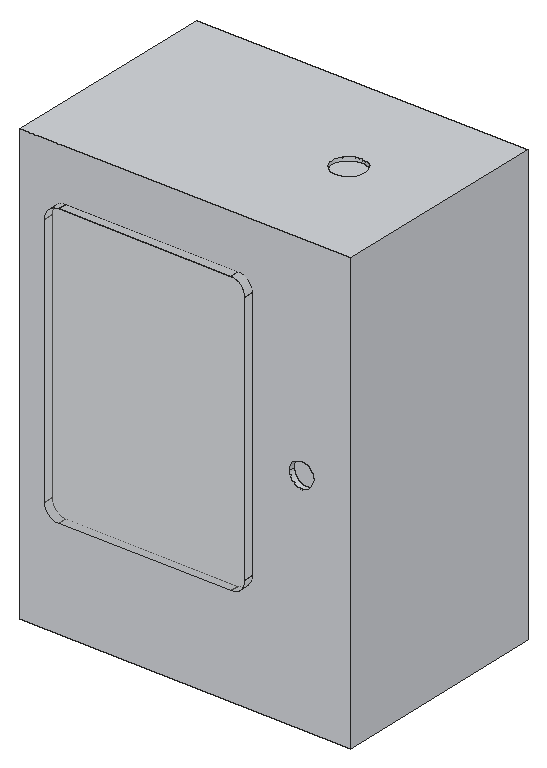
Revit family "ШУЗ-С300", category Оборудование, Revit 2020
Family settings
  Размер круглого соединителя = Использовать диаметр
  Классификация = Нет
  Тип детали = Нормальный
  На основе рабочей плоскости = Нет
  Всегда вертикально = Да
  При загрузке вырезать с полостями = Нет
  Общий = Нет
  Точка расчета площади = Нет
Parameters (values of type "ШУЗ-М/IP54/АВВ")
  расст вывод = 100 mm
  выход 3 = yes
  Ширина [instance] = 305 mm
  Расст замок = 260 mm
  Расст ввод 2 = 100 mm
  Расст ввод = 220 mm
  Расст ПУШ = 30 mm
  Отметка по умолчанию = 0 mm
  Описание = "ШУЗ-С300 предназначен для управления одно/трехфазным электроприводом задвижки практически любого производителя из известных на рынке. Управление осуществляется посредством интегрированного модуля контроля и управления МС322-24, что позволяет использовать шкаф в составе Системы пожарной автоматики и сигнализации «СПРУТ-2», в частности – в составе адресно-аналоговой сигнализации «С300»."
  Назв ПУШ = 120 mm
  Комментарии к типоразмеру = "Ш1/ABB"
  Изготовитель = "ООО \"Плазма-Т\""
  Группа модели = "ШУЗ-С300"
  Глубина [instance] = 204 mm
  Высота [instance] = 405 mm
  URL = "https://plazma-t.ru/"
Reference planes
  plane 1 "По центру (Вперед/Назад)": y = 0
  plane 2: z = 0
  plane 3 "По центру (Влево/Вправо)": x = 0
Forms (mm)
  Extrusion 1, solid
    sketch origin (0, 0, 0) x (1, 0, 0) y (0, 1, 0)
      loop
        line (0, 0) -> (305, 0) -> (305, 204) -> (0, 204) -> (0, 0)
    from 0 to 405
  Extrusion 2, solid, material "Источник света по умолчанию"
    sketch origin (0, 0, 0) x (1, 0, 0) y (0, 0, 1)
      loop
        arc (43, 357.489) -> (33.808, 353.681) -> (30, 344.489) r 13
        line (30, 344.489) -> (30, 110.489)
        arc (30, 110.489) -> (33.808, 101.296) -> (43, 97.489) r 13
        line (43, 97.489) -> (201.542, 97.489)
        arc (201.542, 97.489) -> (210.734, 101.296) -> (214.542, 110.489) r 13
        line (214.542, 110.489) -> (214.542, 344.489)
        arc (214.542, 344.489) -> (210.734, 353.681) -> (201.542, 357.489) r 13
        line (201.542, 357.489) -> (43, 357.489)
    from 0 to 9
  Extrusion 3, void
    sketch origin (0, 0, 0) x (1, 0, 0) y (0, 0, 1)
      loop
        circle (260, 210) r 11.5
    from 10 to -5.347
  Extrusion 4, void
    sketch origin (0, 0, 405) x (0, 1, 0) y (1, 0, 0)
      loop
        circle (104, 220) r 15
    from 0 to 3
  Extrusion 5, void
    sketch origin (0, 0, 0) x (1, 0, 0) y (0, 1, 0)
      loop
        circle (105, 104) r 15
      loop
        circle (160, 104) r 15
    from 0 to 3
Cuts and joins
  Extrusion 3, Extrusion 4, Extrusion 5 cuts Extrusion 1
Dimensions and locks
  "Ширина": Extrusion 1 to Extrusion 1
  "Глубина": Extrusion 1 to Extrusion 1
  "Высота": Extrusion 1 to Extrusion 1
  Extrusion 1 to Extrusion 2 sketch curve = 47.511 mm
  Extrusion 1 to Extrusion 2 = 47.511 mm
  Extrusion 1 to Extrusion 3 sketch curve = 195 mm
  "Расст замок": Extrusion 1 to Extrusion 3 sketch curve
  "Расст ввод": Extrusion 4 sketch curve to cut or joined group of Extrusion 1, Extrusion 3, Extrusion 4, Extrusion 5
  "Расст ввод 2": cut or joined group of Extrusion 1, Extrusion 3, Extrusion 4, Extrusion 5 to Extrusion 4 sketch curve
  "расст вывод": cut or joined group of Extrusion 1, Extrusion 3, Extrusion 4, Extrusion 5 to Extrusion 5 sketch curve  (x2)
  cut or joined group of Extrusion 1, Extrusion 3, Extrusion 4, Extrusion 5 to Extrusion 5 sketch curve = 105 mm
  Extrusion 5 sketch curve to Extrusion 5 sketch curve = 55 mm
  locked: Extrusion 2 sketch curve to Extrusion 2 sketch curve at 184.542
  locked: Extrusion 2 sketch curve to Extrusion 2 sketch curve at 260
  "Расст ПУШ": cut or joined group of Extrusion 1, Extrusion 3, Extrusion 4, Extrusion 5 to Extrusion 2 sketch curve
  "Назв ПУШ": cut or joined group of Extrusion 1, Extrusion 3, Extrusion 4, Extrusion 5 to text3d elem
  diameter of Extrusion 4 sketch curve = 30 mm
  aligned and locked: level to plane 2
  aligned and locked: Extrusion 1 to level
  aligned and locked: Extrusion 1 to plane 3 "По центру (Влево/Вправо)"
  aligned and locked: plane 1 "По центру (Вперед/Назад)" to Extrusion 1
Automatic sketch dimensions
  plane 3 "По центру (Влево/Вправо)" to Extrusion 1 sketch curve = 0 mm
  plane 1 "По центру (Вперед/Назад)" to Extrusion 1 sketch curve = 0 mm
  plane 3 "По центру (Влево/Вправо)" to Extrusion 1 sketch curve = 305 mm
  Extrusion 1 sketch curve to plane 1 "По центру (Вперед/Назад)" = 204 mm
  Extrusion 2 sketch curve to Extrusion 2 sketch curve = 13 mm  (x4)
  radius of Extrusion 3 sketch curve = 11.5 mm
  radius of Extrusion 5 sketch curve = 15 mm  (x2)
Connectors
  electrical at (220, 104, 402)
    settings: on cut or joined group of Extrusion 1, Extrusion 3, Extrusion 4, Extrusion 5, index 1, voltage 0 V, apparent load 0 VA, apparent load phase1 0 VA, apparent load phase2 0 VA, apparent load phase3 0 VA, power factor 1, load classification "Прочее", number of poles 1, system type 30, power factor state 1, is connector primary yes, connector utility no, sub classification motor no, connector description "380V"
  electrical at (105, 104, 3)
    settings: on cut or joined group of Extrusion 1, Extrusion 3, Extrusion 4, Extrusion 5, index 2, voltage 0 V, apparent load 0 VA, apparent load phase1 0 VA, apparent load phase2 0 VA, apparent load phase3 0 VA, power factor 1, load classification "Прочее", number of poles 1, system type 31, power factor state 1, is connector primary no, connector utility no, sub classification motor no, connector description ""
  electrical at (160, 104, 3)
    settings: on cut or joined group of Extrusion 1, Extrusion 3, Extrusion 4, Extrusion 5, index 3, voltage 0 V, apparent load 0 VA, apparent load phase1 0 VA, apparent load phase2 0 VA, apparent load phase3 0 VA, power factor 1, load classification "Прочее", number of poles 1, system type 9, power factor state 1, is connector primary no, connector utility no, sub classification motor no, connector description "вход2"
  electrical at (105, 104, 3)
    settings: on cut or joined group of Extrusion 1, Extrusion 3, Extrusion 4, Extrusion 5, index 4, voltage 0 V, apparent load 0 VA, apparent load phase1 0 VA, apparent load phase2 0 VA, apparent load phase3 0 VA, power factor 1, load classification "Прочее", number of poles 1, system type 9, power factor state 1, is connector primary no, connector utility no, sub classification motor no, connector description "вход1"
